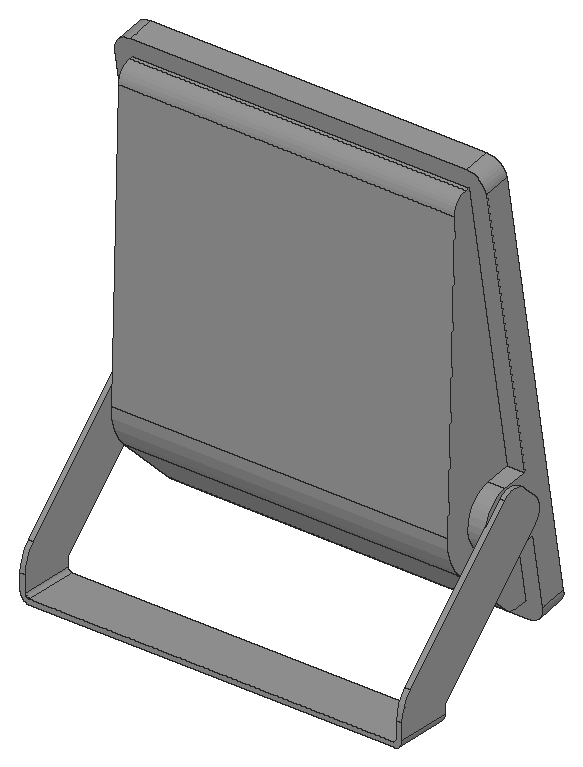
Revit family "SFIP66_50W", category Lighting Fixtures, host Face, Revit 2017
Family settings
  Host = Face
  Round Connector Dimension = Use Diameter
  Part Type = Normal
  OmniClass Number = 23.80.70.00
  OmniClass Title = Lighting
  Cut with Voids When Loaded = No
  Light Source = No
  Shared = No
  Room Calculation Point = No
Parameters (values of type "0048525 START FLOOD IP66 6KLM 830 ASYM")
  WingRadius_SYL = 10 mm
  WingLength_SYL = if([50W_SYL], 100 mm, if([100W_SYL], 142 mm, if([150W_SYL], 142 mm, if([200W_SYL], 150 mm, 170 mm))))  # 100 mm
  WidthBracket_SYL = 30 mm
  Weight = "2.5 kg"
  Wattage Comments = ""
  WarrantyStartDate [instance] = "n/a"
  WarrantyGuarantorParts = "n/a"
  WarrantyDurationUnit = "n/a"
  WarrantyDurationParts = "n/a"
  WarrantyDescription = "n/a"
  Voltage = 0 V
  URL = "http://www.sylvania-lighting.com"
  TypeName = "Start Flood IP66 6KLM 830 ASYM"
  TypeHead_SYL = START Flood IP66 50W luminaire : 0048525
  Type Image = <None>
  Type Comments = "n/a"
  ThicknessBracket_SYL = 3 mm
  SerialNumber [instance] = "n/a"
  RotationAngle_SYL [instance] = -100.00°
  RadiusOutBracket_SYL = 5 mm
  RadiusInBracket_SYL = 2 mm
  Material_3_SYL = none
  PowerFactor = 0.95
  PowerConsumption = "50 W"
  NominalLength = 314 mm
  NominalHeight = 63 mm
  NominalDepth = 240 mm
  Name = "Start Flood IP66 6KLM 830 ASYM"
  ModelReference = Name  # "Start Flood IP66 6KLM 830 ASYM"
  ModelNumber = "0048525"
  Model = Name  # "Start Flood IP66 6KLM 830 ASYM"
  Material = "n/a"
  ManufacturerName = "Feilo Sylvania"
  Manufacturer = "Feilo Sylvania"
  LuminousEfficacy = "124 lm/W"
  LuminaireType = ""
  LightOutputRatio = "n/a"
  LengthIn_SYL = if([50W_SYL], 210 mm, if([100W_SYL], 300 mm, if([150W_SYL], 295 mm, if([200W_SYL], 360 mm, 430 mm))))  # 210 mm
  LampsType = Lamp  # "LED"
  LampNominalLuminous = "6200 lm"
  LampMacAdamStep = "4"
  LampColourTemperature = "3000 K"
  LampColourRenderingIndex = "70"
  Lamp = "LED"
  Keynote = "16500"
  InstallationDate [instance] = "n/a"
  InputVoltage = "n/a"
  InputNominalFrequency = "n/a"
  IngressProtection = "IP66"
  ImpactProtectionIndex = "IK08"
  IfcExportType = "IfcLightFixtureType"
  IfcExportAs = "IfcLightFixtureType"
  EndAngle_SYL [instance] = RotationAngle_SYL + 180.00°  # 80.00°
  ElectricShockClassification = "Class I"
  DocumentationLiterature = "http://www.sylvania-lighting.com/product/en-int/products/0048525"
  DimmingControlOptions = "n/a"
  Material_2_SYL = none
  Description = "Exterior LED Floodlight, comes complete with 1000mm flying lead and adjustable bracket, aluminium housing, clear glass diffuser, IP66, IK08, Class I, 3000K, Non-dimming, 6200lm, 50W, 124lm/W, CRI80, Asymmetrical Wide beam angle (65° x 120° imax@55°), 60000 hrs L70B50 lifetime, 314 x 240 x 63mm (LxWxD) dimensions, 2.5kg weight."
  Default Elevation = 1219.2 mm
  CreatedOn = "9/23/2020"
  CreatedBy = "@sylvania-lighting.com"
  Cost = 0
  built-in parameter 1114216 [instance] = (empty or 0)
  ClassificationValue = "EF_70_80"
  ClassificationName = "Uniclass2015"
  Material_1_SYL = Steel, Paint Finish, Dark Gray, Matte
  BarCode [instance] = "n/a"
  AxisOffsetWingEnd_SYL = WidthBracket_SYL / 2  # 15 mm
  AxisHeight_SYL = sin(45.00°) * WingLength_SYL  # 70.711 mm
  AxisDepth_SYL = cos(45.00°) * (WingLength_SYL - tan(45.00°) * AxisOffsetWingEnd_SYL - AxisOffsetWingEnd_SYL)  # 49.497 mm
  AssetType = "Fixed"
  AssetIdentifier [instance] = "n/a"
  Assembly Code = "D5020200"
  Apparent Load = 50 VA
  Material_4_SYL = none
  50W_SYL = yes
  200W_SYL = no
  150W_SYL = no
  100W_SYL = no
Reference planes
  plane 1 "Center (Front/Back)": y = 0
  plane 2: z = 0
  plane 3 "Center (Left/Right)": x = 0
  plane 4: x = 108
  plane 5: x = -108
  plane 6: x = 105
  plane 7: x = -105
  plane 8: z = 10
  plane 9: y = 15
  plane 10: y = -15
  plane 11: z = 3
  plane 12: z = 80.711
  plane 13: y = 64.497
Forms (mm)
  Extrusion 1, solid, material "Steel, Paint Finish, Dark Gray, Matte" <- "Material_1_SYL"
    sketch origin (0, 0, 0) x (1, 0, 0) y (0, 0, 1)
      loop
        arc (103, 0) -> (106.536, 1.464) -> (108, 5) r 5
        line (108, 5) -> (108, 10) -> (105, 10) -> (105, 5)
        arc (105, 5) -> (104.414, 3.586) -> (103, 3) r 2
        line (103, 3) -> (-103, 3)
        arc (-103, 3) -> (-104.414, 3.586) -> (-105, 5) r 2
        line (-105, 5) -> (-105, 10) -> (-108, 10) -> (-108, 5)
        arc (-108, 5) -> (-106.536, 1.464) -> (-103, 0) r 5
        line (-103, 0) -> (103, 0)
    from -15 to 15
  Extrusion 2, solid, material "Steel, Paint Finish, Dark Gray, Matte" <- "Material_1_SYL"
    sketch origin (105, -4572, 2609.058) x (0, 0, 1) y (0, -1, 0)
      loop
        line (-2599.058, -4587) -> (-2535.418, -4650.64)
        arc (-2535.418, -4650.64) -> (-2528.347, -4653.569) -> (-2521.276, -4650.64) r 10
        line (-2521.276, -4650.64) -> (-2514.205, -4643.569)
        arc (-2514.205, -4643.569) -> (-2511.276, -4636.497) -> (-2514.205, -4629.426) r 10
        line (-2514.205, -4629.426) -> (-2580.774, -4562.858)
        arc (-2580.774, -4562.858) -> (-2587.262, -4558.522) -> (-2594.916, -4557) r 20
        line (-2594.916, -4557) -> (-2599.058, -4557) -> (-2599.058, -4587)
    from 0 to 3
  Extrusion 3, solid, material "Steel, Paint Finish, Dark Gray, Matte" <- "Material_1_SYL"
    sketch origin (-108, -4572, 2609.058) x (0, 0, 1) y (0, -1, 0)
      loop
        arc (-2535.418, -4650.64) -> (-2528.347, -4653.569) -> (-2521.276, -4650.64) r 10
        line (-2521.276, -4650.64) -> (-2514.205, -4643.569)
        arc (-2514.205, -4643.569) -> (-2511.276, -4636.497) -> (-2514.205, -4629.426) r 10
        line (-2514.205, -4629.426) -> (-2580.774, -4562.858)
        arc (-2580.774, -4562.858) -> (-2587.262, -4558.522) -> (-2594.916, -4557) r 20
        line (-2594.916, -4557) -> (-2604.058, -4557) -> (-2604.058, -4587) -> (-2599.058, -4587) -> (-2535.418, -4650.64)
    from 0 to 3
  Revolve 4, solid, not visible
    sketch origin (1223.4, -4572, 80.711) x (0, -1, 0) y (1, 0, 0)
      loop
        line (-4636.497, -1223.4) -> (-4651.497, -1223.4) -> (-4651.497, -1273.4) -> (-4636.497, -1273.4) -> (-4636.497, -1223.4)
      axis (-4636.497, -1223.4) -> (-4636.497, -1273.4)
    angle from -100 <- "RotationAngle_SYL" to 80 <- "EndAngle_SYL"
Cuts and joins
  joined: Extrusion 1, Extrusion 2, Extrusion 3
Lines and regions (mm)
  reference lines
    curve 1: line (0, 15, 10) -> (0, 167.028, 162.028)
    curve 2: line (0, 138.744, 176.17) -> (0, -15, 22.426)
    curve 3: line (0, 64.497, 101.924) -> (0, 85.711, 80.711)
    curve 4: line (-108, 4.393, 20.607) -> (-108, 165.135, 181.348)
    curve 5: line (0, 53.891, 91.317) -> (0, 75.104, 70.104)
Dimensions and locks
  locked: plane 8 to plane 2 at 10
  equal spacing: plane 10, plane 1 "Center (Front/Back)", plane 9
  "WidthBracket_SYL": plane 10 to plane 9
  "WidthBracket_SYL": curve 1 to curve 2
  "ThicknessBracket_SYL": plane 11 to plane 2
  "WingLength_SYL": curve 1 to curve 3
  level to Extrusion 1 = 10 mm
  equal spacing: plane 6, plane 3 "Center (Left/Right)", plane 7
  "LengthIn_SYL": plane 6 to plane 7
  equal spacing: plane 4, plane 3 "Center (Left/Right)", plane 5
  "ThicknessBracket_SYL": plane 7 to plane 5
  equal spacing: curve 1, curve 4, curve 2
  "AxisOffsetWingEnd_SYL": curve 3 to curve 5
  "AxisHeight_SYL": plane 12 to plane 8
  "AxisDepth_SYL": plane 9 to plane 13
  "RadiusInBracket_SYL": radius of Extrusion 1 sketch curve  (x2)
  "RadiusOutBracket_SYL": radius of Extrusion 1 sketch curve  (x2)
  "WingRadius_SYL": radius of Extrusion 2 sketch curve  (x2)
  locked: plane 8 to curve 1 (angle 45.00°)
  locked: plane 8 to curve 2 (angle 45.00°)
  aligned and locked: plane 2 to host face
  aligned and locked: level to host face
  aligned and locked: plane 9 to curve 1
  aligned and locked: plane 8 to curve 1
  aligned and locked: plane 10 to curve 2
  aligned and locked: plane 5 to Extrusion 1 sketch curve
  aligned and locked: plane 8 to Extrusion 1 sketch curve  (x2)
  aligned and locked: Extrusion 1 sketch curve to plane 7
  aligned and locked: plane 11 to Extrusion 1 sketch curve
  aligned and locked: plane 6 to Extrusion 1 sketch curve
  aligned and locked: Extrusion 1 sketch curve to plane 4
  aligned and locked: Extrusion 1 to plane 9
  aligned and locked: plane 10 to Extrusion 1
  aligned and locked: Extrusion 2 sketch curve to curve 1
  aligned and locked: curve 2 to Extrusion 2 sketch curve
  aligned and locked: plane 10 to Extrusion 2 sketch curve
  aligned and locked: Extrusion 2 sketch curve to Extrusion 1
  aligned and locked: plane 4 to Extrusion 2
  aligned and locked: Extrusion 2 to plane 6
  aligned and locked: plane 7 to Extrusion 3
  aligned and locked: Extrusion 3 to plane 5
  aligned and locked: cut or joined group of Extrusion 1, Extrusion 2, Extrusion 3 to curve 5  (x2)
  aligned and locked: Revolve 4 sketch curve to plane 13  (x2)
  aligned and locked: Revolve 4 sketch curve to curve 3
  aligned and locked: curve 2 to plane 3 "Center (Left/Right)"
  aligned and locked: Extrusion 3 sketch curve to cut or joined group of Extrusion 1, Extrusion 2, Extrusion 3  (x5)
  aligned and locked: cut or joined group of Extrusion 1, Extrusion 2, Extrusion 3 to Extrusion 3 sketch curve
  aligned and locked: nested 1 to plane 3 "Center (Left/Right)"
Automatic sketch dimensions
  host sketch curve to host sketch curve = 2438.4 mm  (x2)
  curve 4 to plane 1 "Center (Front/Back)" = 4.393 mm
  curve 4 to plane 9 = 150.135 mm
  Revolve 4 sketch curve to Revolve 4 sketch curve = 15 mm
  Revolve 4 sketch curve to plane 3 "Center (Left/Right)" = 50 mm
  Revolve 4 sketch curve to plane 5 = 1316.635 mm
  plane 4 to Revolve 4 sketch curve = 1441.773 mm
  Extrusion 3 sketch curve to plane 10 = 5.858 mm
  plane 12 to Extrusion 3 sketch curve = 7.071 mm
  Extrusion 3 sketch curve to plane 12 = 7.071 mm
  Extrusion 3 sketch curve to Extrusion 3 sketch curve = 7.071 mm
  plane 13 to Extrusion 3 sketch curve = 7.071 mm
  Extrusion 1 sketch curve to Extrusion 1 sketch curve = 0 mm  (x2)
  plane 12 to Extrusion 2 sketch curve = 0 mm
  Extrusion 2 sketch curve to plane 13 = 0 mm
  Extrusion 2 sketch curve to Extrusion 2 sketch curve = 4.142 mm
  Extrusion 2 sketch curve to plane 10 = 5.858 mm
  plane 12 to Extrusion 2 sketch curve = 7.071 mm
  Extrusion 2 sketch curve to plane 12 = 7.071 mm
  plane 13 to Extrusion 2 sketch curve = 7.071 mm
  Extrusion 2 sketch curve to plane 13 = 7.071 mm
Nested families
  nested 1: "START Flood IP66 50W luminaire" at (0, 64.497, 80.711) x (-1, 0, 0) z (0, 0.9848, 0.1736), type "0048525"
    with built-in parameter 1114216 (empty or 0)
Connectors
  electrical at (4.2, 0, 0), driven by "Voltage", driven by "Apparent Load", driven by "PowerFactor"
    settings: on host face, index 1, voltage 0 V, apparent load 50 VA, apparent load phase1 0 VA, apparent load phase2 0 VA, apparent load phase3 0 VA, power factor 0.95, load classification "Other", number of poles 1, system type 30, power factor state 1, is connector primary yes, connector utility no, sub classification motor no, connector description ""
Definition of nested family "START Flood IP66 50W luminaire"
  Parameters (values of type "0048525")
    WidthHead_SYL = if([50W_SYL], 210 mm, if([100W_SYL], 300 mm, if([150W_SYL], 295 mm, if([200W_SYL], 360 mm, 430 mm))))  # 210 mm
    Wattage Comments = "n/a"
    Wattage = 50 W
    built-in parameter 1150110 = 1 (stored number, unit not read)
    URL = "http://www.sylvania-lighting.com"
    Type Image = (empty or 0)
    Type Comments = "n/a"
    built-in parameter 1114217 = 1 (stored number, unit not read)
    Tilt Angle = -90.00°
    built-in parameter 1150109 = 1 (stored number, unit not read)
    built-in parameter 1150134 = 12
    built-in parameter 1150113 = 1 (stored number, unit not read)
    ScreenThickness_SYL = 14.5 mm  # constant formula
    ReflectorOffset_SYL = 12 mm  # constant formula
    ReflectorOffsetIn_SYL = RadiusReflectorFront_SYL  # 30 mm
    ReflectorHeight_SYL = if([50W_SYL], 145 mm, if([100W_SYL], 165 mm, if([150W_SYL], 210 mm, if([200W_SYL], 240 mm, 290 mm))))  # 145 mm
    RadiusReflectorIn_SYL = 5 mm  # constant formula
    RadiusReflectorFront_SYL = if([50W_SYL], 30 mm, if([100W_SYL], 30 mm, if([150W_SYL], 30 mm, if([200W_SYL], 30 mm, 35 mm))))  # 30 mm
    RadiusHinge_SYL = RadiusBack_SYL / 1.8  # 17.389 mm
    RadiusBack_SYL = if([50W_SYL], 31.3 mm, if([100W_SYL], 40 mm, if([150W_SYL], 40 mm, if([200W_SYL], 50 mm, 55 mm))))  # 31.3 mm
    Photometric Web File = "0048525.IES"
    OffsetBack_SYL = 10 mm  # constant formula
    Material_5_SYL = none
    Material_3_SYL = none
    Model = "Start Flood IP66 7200lm 740 WB"
    Manufacturer = "Feilo Sylvania"
    built-in parameter 1150105 = 7875 (stored number, unit not read)
    Lumens = 7400 lm
    built-in parameter 1150115 = 1 (stored number, unit not read)
    built-in parameter 1150137 = (empty or 0)
    built-in parameter 1150139 = (empty or 0)
    built-in parameter 1150112 = 1 (stored number, unit not read)
    built-in parameter 1150114 = 1 (stored number, unit not read)
    Lamp = "LED"
    Keynote = "16500"
    Material_2_SYL = none
    built-in parameter 1150132 = (empty or 0)
    built-in parameter 1150102 = (empty or 0)
    built-in parameter 1150107 = 4000 (stored number, unit not read)
    built-in parameter 1150138 = (empty or 0)
    built-in parameter 1150106 = 78.75 (stored number, unit not read)
    HeightHead_SYL = if([50W_SYL], 250 mm, if([100W_SYL], 320 mm, if([150W_SYL], 367 mm, if([200W_SYL], 400 mm, 470 mm))))  # 250 mm
    Emit from Rectangle Width = WidthHead_SYL - 4 mm - ReflectorOffset_SYL * 2 - ReflectorOffsetIn_SYL * 2  # 122 mm
    Emit from Rectangle Length = ReflectorHeight_SYL - ReflectorOffsetIn_SYL * 2  # 85 mm
    Emit Shape Visible in Rendering = no
    built-in parameter 1150104 = 13.75 (stored number, unit not read)
    Dimming Lamp Color Temperature Shift = (empty or 0)
    Description = ""
    Default Elevation = 1219.2 mm
    Cost = 0
    Color Filter = 16777215
    built-in parameter 1114216 [instance] = (empty or 0)
    Material_1_SYL = none
    Chamfer_SYL = if([50W_SYL], 15 mm, if([100W_SYL], 15 mm, if([150W_SYL], 15 mm, if([200W_SYL], 15 mm, 20 mm))))  # 15 mm
    built-in parameter 1114218 = 1 (stored number, unit not read)
    AxisOffsetBottom_SYL = if([50W_SYL], 68 mm, if([100W_SYL], 80 mm, if([150W_SYL], 92.2 mm, if([200W_SYL], 99.7 mm, 117 mm))))  # 68 mm
    AxisOffsetFront_SYL = if([50W_SYL], 28.4 mm, if([100W_SYL], 33.2 mm, if([150W_SYL], 33.2 mm, if([200W_SYL], 32.9 mm, 38.3 mm))))  # 28.4 mm
    built-in parameter 1150133 = 10 (stored number, unit not read)
    Assembly Code = "D5020200"
    Apparent Load = 50 VA
    Material_4_SYL = none
    50W_SYL = yes
    200W_SYL = no
    150W_SYL = no
    100W_SYL = no
  Reference planes
    plane 1 "Center (Front/Back)": y = 0
    plane 2: z = 0
    plane 3 "Center (Left/Right)": x = 0
    plane 4: x = 105
    plane 5: x = -105
    plane 6: y = -68
    plane 7: y = 182
    plane 8: z = 28.4
    plane 9: z = 13.9
    plane 10: y = 172
    plane 11: y = -58
    plane 12: x = -95
    plane 13: x = 95
    plane 14: x = -103
    plane 15: y = 180
    plane 16: x = 103
    plane 17: y = -66
    plane 18: y = 165
    plane 19: x = 88
    plane 20: x = -88
    plane 21: y = -51
    plane 22: z = 26.4
    plane 23: z = 3.9
    plane 24: x = -91
    plane 25: y = 168
    plane 26: x = 91
    plane 27: y = 23
    plane 28: x = -61
    plane 29: y = 53
    plane 30: x = 61
    plane 31: y = 138
    plane 32: y = 95.5
  Forms (mm)
    Extrusion 1, solid
      sketch origin (4.2, 0, 0) x (1, 0, 0) y (0, 1, 0)
        loop
          line (-1219.2, 1219.2) -> (-1219.2, -1219.2) -> (1219.2, -1219.2) -> (1219.2, 1219.2) -> (-1219.2, 1219.2)
      from 0 to -68.017
    Extrusion 2, solid, material <- "Material_1_SYL"
      sketch origin (0, 1219.2, 28.4) x (1, 0, 0) y (0, -1, 0)
        loop
          line (-95, 1037.2) -> (95, 1037.2)
          arc (95, 1037.2) -> (102.071, 1040.129) -> (105, 1047.2) r 10
          line (105, 1047.2) -> (105, 1277.2)
          arc (105, 1277.2) -> (102.071, 1284.271) -> (95, 1287.2) r 10
          line (95, 1287.2) -> (-95, 1287.2)
          arc (-95, 1287.2) -> (-102.071, 1284.271) -> (-105, 1277.2) r 10
          line (-105, 1277.2) -> (-105, 1047.2)
          arc (-105, 1047.2) -> (-102.071, 1040.129) -> (-95, 1037.2) r 10
      from 0 to 14.5
    Extrusion 3, void
      sketch origin (0, 1219.2, 28.4) x (1, 0, 0) y (0, -1, 0)
        loop
          line (-88, 1039.2) -> (88, 1039.2) -> (103, 1054.2) -> (103, 1270.2) -> (88, 1285.2) -> (-88, 1285.2) -> (-103, 1270.2) -> (-103, 1054.2) -> (-88, 1039.2)
      from 0 to 2
    Blend 4, void
      base sketch origin (0, 1219.2, 26.4) x (0, -1, 0) y (1, 0, 0)
        loop
          arc (1051.2, -61) -> (1059.987, -82.213) -> (1081.2, -91) r 30
          line (1081.2, -91) -> (1166.2, -91)
          arc (1166.2, -91) -> (1187.413, -82.213) -> (1196.2, -61) r 30
          line (1196.2, -61) -> (1196.2, 61)
          arc (1196.2, 61) -> (1187.413, 82.213) -> (1166.2, 91) r 30
          line (1166.2, 91) -> (1081.2, 91)
          arc (1081.2, 91) -> (1059.987, 82.213) -> (1051.2, 61) r 30
          line (1051.2, 61) -> (1051.2, -61)
      top sketch origin (0, 1219.2, 26.4) x (0, -1, 0) y (1, 0, 0)
        loop
          arc (1081.2, -58) -> (1083.044, -60.183) -> (1085.783, -61) r 5
          line (1085.783, -61) -> (1161.2, -61)
          arc (1161.2, -61) -> (1164.736, -59.536) -> (1166.2, -56) r 5
          line (1166.2, -56) -> (1166.2, 56)
          arc (1166.2, 56) -> (1164.736, 59.536) -> (1161.2, 61) r 5
          line (1161.2, 61) -> (1086.2, 61)
          arc (1086.2, 61) -> (1082.664, 59.536) -> (1081.2, 56) r 5
          line (1081.2, 56) -> (1081.2, -58)
      from 0 to -22.5
    Extrusion 5, solid, material <- "Material_1_SYL"
      sketch origin (0, 0, 0) x (0, 1, 0) y (0, 0, 1)
        loop
          line (-58, 13.9) -> (-58, 8.71)
          arc (-58, 8.71) -> (-56.917, 4.183) -> (-53.902, 0.637) r 10
          line (-53.902, 0.637) -> (-18.474, -25.267)
          arc (-18.474, -25.267) -> (-6.609, -30.594) -> (6.396, -30.639) r 31.3
          line (6.396, -30.639) -> (164.044, 2.271)
          arc (164.044, 2.271) -> (169.76, 5.753) -> (172, 12.06) r 10
          line (172, 12.06) -> (172, 13.9) -> (-58, 13.9)
      from -95 to 95
    Extrusion 6, solid, material <- "Material_4_SYL"
      sketch origin (0, 1219.2, 26.4) x (1, 0, 0) y (0, -1, 0)
        loop
          line (88, 1039.2) -> (103, 1054.2) -> (103, 1270.2) -> (88, 1285.2) -> (-88, 1285.2) -> (-103, 1270.2) -> (-103, 1054.2) -> (-88, 1039.2) -> (88, 1039.2)
      from -2 to 0
    Extrusion 7, solid, material <- "Material_1_SYL"
      sketch origin (0, 0, 0) x (0, 1, 0) y (0, 0, 1)
        loop
          arc (-17.389, 0) -> (0, -17.389) -> (17.389, 0) r 17.389
          line (17.389, 0) -> (17.389, 13.9) -> (-17.389, 13.9) -> (-17.389, 0)
      from -105 to 105
  Cuts and joins
    Extrusion 3, Blend 4 cuts Extrusion 2
    joined: Extrusion 2, Extrusion 5, Extrusion 7
  Lines and regions (mm)
    Split face 1
      outline origin (0, 1219.2, 28.4) x (1, 0, 0) y (0, 1, 0)
        loop
          arc (61, -1196.2) -> (82.213, -1187.413) -> (91, -1166.2) r 30
          line (91, -1166.2) -> (91, -1081.2)
          arc (91, -1081.2) -> (82.213, -1059.987) -> (61, -1051.2) r 30
          line (61, -1051.2) -> (-61, -1051.2)
          arc (-61, -1051.2) -> (-82.213, -1059.987) -> (-91, -1081.2) r 30
          line (-91, -1081.2) -> (-91, -1166.2)
          arc (-91, -1166.2) -> (-82.213, -1187.413) -> (-61, -1196.2) r 30
          line (-61, -1196.2) -> (61, -1196.2)
    reference lines
      curve 1: circle (0, 0, 0) r 31.3 normal (1, 0, 0)
      curve 2: line (-61, 168, 28.4) -> (61, 168, 28.4)
      curve 3: line (-91, 53, 28.4) -> (-91, 138, 28.4)
      curve 4: line (61, 23, 28.4) -> (-61, 23, 28.4)
      curve 5: line (91, 138, 28.4) -> (91, 53, 28.4)
      curve 6: arc (-61, 168, 28.4) -> (-82.213, 159.213, 28.4) -> (-91, 138, 28.4) r 30
      curve 7: arc (61, 168, 28.4) -> (82.213, 159.213, 28.4) -> (91, 138, 28.4) r 30
      curve 8: arc (-91, 53, 28.4) -> (-82.213, 31.787, 28.4) -> (-61, 23, 28.4) r 30
      curve 9: arc (61, 23, 28.4) -> (82.213, 31.787, 28.4) -> (91, 53, 28.4) r 30
      curve 10: line (-58, 138, 28.4) -> (56, 138, 28.4)
      curve 11: line (-61, 58, 28.4) -> (-61, 133.417, 28.4)
      curve 12: line (56, 53, 28.4) -> (-56, 53, 28.4)
      curve 13: line (61, 133, 28.4) -> (61, 58, 28.4)
      curve 14: arc (-58, 138, 28.4) -> (-60.183, 136.156, 28.4) -> (-61, 133.417, 28.4) r 5
      curve 15: arc (-56, 53, 28.4) -> (-59.536, 54.464, 28.4) -> (-61, 58, 28.4) r 5
      curve 16: arc (61, 58, 28.4) -> (59.536, 54.464, 28.4) -> (56, 53, 28.4) r 5
      curve 17: arc (56, 138, 28.4) -> (59.536, 136.536, 28.4) -> (61, 133, 28.4) r 5
      curve 18: circle (0, 0, 0) r 17.389 normal (1, 0, 0)
  Dimensions and locks
    equal spacing: plane 4, plane 3 "Center (Left/Right)", plane 5
    "WidthHead_SYL": plane 4 to plane 5
    "AxisOffsetBottom_SYL": plane 6 to plane 1 "Center (Front/Back)"
    "HeightHead_SYL": plane 6 to plane 7
    "AxisOffsetFront_SYL": plane 8 to plane 2
    "ScreenThickness_SYL": plane 9 to plane 8
    equal spacing: plane 12, plane 3 "Center (Left/Right)", plane 13
    "OffsetBack_SYL": plane 5 to plane 12
    "OffsetBack_SYL": plane 10 to plane 7
    "OffsetBack_SYL": plane 6 to plane 11
    locked: plane 6 to plane 17 at 2
    locked: plane 16 to plane 4 at 2
    locked: plane 5 to plane 14 at 2
    locked: plane 15 to plane 7 at 2
    "Chamfer_SYL": plane 19 to plane 16
    "Chamfer_SYL": plane 14 to plane 20
    "Chamfer_SYL": plane 18 to plane 15
    locked: plane 22 to plane 8 at 2
    "Chamfer_SYL": plane 17 to plane 21
    locked: plane 23 to plane 9 at 10
    equal spacing: plane 24, plane 3 "Center (Left/Right)", plane 26
    "ReflectorOffset_SYL": plane 25 to plane 15
    "ReflectorHeight_SYL": plane 27 to plane 25
    "ReflectorOffset_SYL": plane 14 to plane 24
    "ReflectorOffsetIn_SYL": plane 31 to plane 25
    "ReflectorOffsetIn_SYL": plane 24 to plane 28
    "ReflectorOffsetIn_SYL": plane 27 to plane 29
    "ReflectorOffsetIn_SYL": plane 30 to plane 26
    level to Extrusion 7 = 13.9 mm
    equal spacing: plane 29, plane 32, plane 31
    "RadiusBack_SYL": radius of curve 1
    "OffsetBack_SYL": radius of Extrusion 2 sketch curve  (x4)
    "RadiusReflectorFront_SYL": radius of curve 6
    "RadiusReflectorFront_SYL": radius of curve 8
    "RadiusReflectorFront_SYL": radius of curve 9
    "RadiusReflectorFront_SYL": radius of curve 7
    "RadiusReflectorIn_SYL": radius of curve 14
    "RadiusReflectorIn_SYL": radius of curve 15
    "RadiusReflectorIn_SYL": radius of curve 16
    "RadiusReflectorIn_SYL": radius of curve 17
    "RadiusHinge_SYL": radius of curve 18
    radius of Extrusion 5 sketch curve = 10 mm  (x2)
    aligned and locked: plane 2 to Extrusion 1
    aligned and locked: level to Extrusion 1
    aligned and locked: Extrusion 2 sketch curve to plane 7
    aligned and locked: plane 12 to Extrusion 2 sketch curve  (x2)
    aligned and locked: plane 13 to Extrusion 2 sketch curve  (x2)
    aligned and locked: plane 10 to Extrusion 2 sketch curve
    aligned and locked: plane 11 to Extrusion 2 sketch curve  (x2)
    aligned and locked: plane 9 to Extrusion 2
    aligned and locked: Extrusion 2 to plane 8
    aligned and locked: plane 20 to Extrusion 3 sketch curve
    aligned and locked: plane 18 to Extrusion 3 sketch curve
    aligned and locked: plane 14 to Extrusion 3 sketch curve
    aligned and locked: plane 17 to Extrusion 3 sketch curve
    aligned and locked: Extrusion 3 sketch curve to plane 16
    aligned and locked: plane 19 to Extrusion 3 sketch curve
    aligned and locked: plane 15 to Extrusion 3 sketch curve
    aligned and locked: plane 22 to Extrusion 3
    aligned and locked: Extrusion 3 to plane 8
    aligned and locked: curve 2 to plane 25
    aligned and locked: curve 3 to plane 24
    aligned and locked: plane 27 to curve 4
    aligned and locked: plane 26 to curve 5
    aligned and locked: curve 10 to plane 31
    aligned and locked: curve 11 to plane 28
    aligned and locked: plane 29 to curve 12
    aligned and locked: plane 30 to curve 13
    aligned and locked: Blend 4 sketch curve to curve 6
    aligned and locked: Blend 4 sketch curve to curve 8
    aligned and locked: Blend 4 sketch curve to curve 9
    aligned and locked: Blend 4 sketch curve to curve 7
    aligned and locked: Blend 4 sketch curve to curve 10
    aligned and locked: Blend 4 sketch curve to curve 17
    aligned and locked: Blend 4 sketch curve to curve 16
    aligned and locked: Blend 4 sketch curve to curve 15
    aligned and locked: Blend 4 sketch curve to curve 14
    aligned and locked: Blend 4 to plane 22
    aligned and locked: Extrusion 5 sketch curve to curve 1
    aligned and locked: Extrusion 5 to plane 12
    aligned and locked: plane 13 to Extrusion 5
    aligned and locked: plane 23 to Blend 4
    aligned and locked: Extrusion 6 sketch curve to cut or joined group of Extrusion 2, Extrusion 3, Blend 4, Extrusion 5, Extrusion 7  (x8)
    aligned and locked: plane 22 to Extrusion 6
    aligned and locked: Extrusion 6 to plane 8
    aligned and locked: Split face 1 sketch curve to cut or joined group of Extrusion 2, Extrusion 3, Blend 4, Extrusion 5, Extrusion 7  (x4)
    aligned and locked: Extrusion 7 sketch curve to curve 18
    aligned and locked: plane 9 to Extrusion 7 sketch curve  (x2)
    aligned and locked: plane 4 to Extrusion 7
    aligned and locked: Extrusion 7 to plane 5
    aligned and locked: plane 3 "Center (Left/Right)" to imposter light
    aligned and locked: plane 32 to imposter light
    aligned and locked: imposter light to plane 8
  Automatic sketch dimensions
    Extrusion 1 sketch curve to Extrusion 1 sketch curve = 2438.4 mm  (x2)
    Extrusion 3 sketch curve to plane 20 = 0 mm
    Extrusion 3 sketch curve to plane 19 = 0 mm
    plane 21 to Extrusion 3 sketch curve = 0 mm  (x2)
    plane 18 to Extrusion 3 sketch curve = 0 mm
    plane 28 to curve 10 = 3 mm
    curve 1 to curve 18 = 0 mm  (x2)
    curve 18 to level = 0 mm
    curve 18 to plane 1 "Center (Front/Back)" = 0 mm
    Extrusion 7 sketch curve to level = 0 mm
    Extrusion 5 sketch curve to plane 11 = 0 mm
    Extrusion 5 sketch curve to plane 10 = 0 mm
    plane 9 to Extrusion 5 sketch curve = 0 mm
    level to Extrusion 5 sketch curve = 0.637 mm
    Extrusion 5 sketch curve to plane 11 = 4.098 mm
    plane 1 "Center (Front/Back)" to Extrusion 5 sketch curve = 18.474 mm
    Extrusion 5 sketch curve to plane 1 "Center (Front/Back)" = 6.396 mm
    plane 18 to Extrusion 5 sketch curve = 0.956 mm
    plane 23 to Extrusion 5 sketch curve = 1.629 mm
